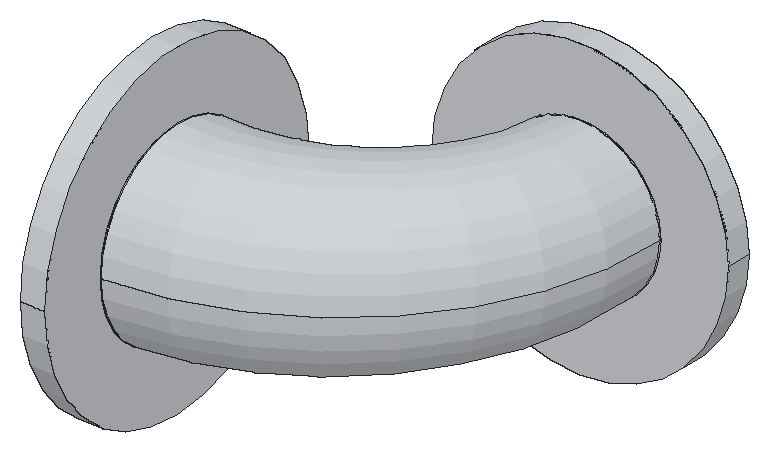
Revit family "M_Redução de cotovelo- Flange - GI - Classe 25", category Conexões de tubo, Revit 2019
Family settings
  Cota do conector redondo = Usar raio
  Tipo de parte = Cotovelo
  Número OmniClass = 23.60.30.11.14
  Título OmniClass = Pipework Fittings
  ID de item do Seek = Elbow Reducing - Flanged - GI - Class 25-0000-CAN-ENU
  Com base no plano de trabalho = Não
  Sempre na vertical = Sim
  Corte com vazios quando carregada = Não
  Compartilhado = Não
Parameters (values of type "Padrão")
  Espessura da parede 2 [instance] = size_lookup(Nome da tabela de pesquisa, "WThk", 0.02 * Diâmetro nominal 2 + 8.334 mm, Diâmetro nominal 2)  # 11 mm
  Espessura da parede 1 [instance] = size_lookup(Nome da tabela de pesquisa, "WThk", 0.02 * Diâmetro nominal 1 + 8.334 mm, Diâmetro nominal 1)  # 11 mm
  Tamanho da marca de cota 2 [instance] = Diâmetro da flange 2 * 0.4  # 91.6 mm
  Tamanho da marca de cota 1 [instance] = Diâmetro da flange 1 * 0.4  # 101.6 mm
  Raio nominal 2 [instance] = 50 mm
  Diâmetro nominal 2 [instance] = Raio nominal 2 * 2  # 100 mm
  Método de perda = Coeficiente K da tabela
  Nome da tabela de pesquisa = "M_Elbow Reducing - Flanged - GI - Class 25"
  Comprimento 8 [instance] = Centro à face - if(Diâmetro nominal máximo 12 = Diâmetro nominal 1, Espessura da flange 1, Espessura da flange 2)  # 172 mm
  Comprimento 7 [instance] = Comprimento 1 + Comprimento 1 * cos(Ângulo) + (Espessura da flange 2 + Comprimento 5) * cos(Ângulo)  # 172 mm
  Comprimento 6 [instance] = (Espessura da flange 2 + Comprimento 5) * sin(Ângulo)  # 19.794 mm
  Comprimento 5 [instance] = if(Diâmetro nominal máximo 12 = Diâmetro nominal 2, 0.794 mm, if(Centro à face - Espessura da flange 2 - Comprimento 1 > 0.794 mm, Centro à face - Espessura da flange 2 - Comprimento 1, 0.794 mm))  # 0.794 mm
  Comprimento 4 [instance] = if(Diâmetro nominal máximo 12 = Diâmetro nominal 1, 0.794 mm, if(Centro à face - Espessura da flange 1 - Comprimento 1 > 0.794 mm, Centro à face - Espessura da flange 1 - Comprimento 1, 0.794 mm))  # 0.794 mm
  Comprimento 3 [instance] = Comprimento 1 + Comprimento 1 * cos(Ângulo)  # 172 mm
  Comprimento 2 [instance] = Comprimento 1 * sin(Ângulo)  # 172 mm
  Diâmetro nominal máximo 12 [instance] = if(Diâmetro nominal 1 > Diâmetro nominal 2, Diâmetro nominal 1, Diâmetro nominal 2)  # 125 mm
  Tabela de coeficiente K = "Cotovelo regular flangeado 90 e 180"
  Espessura da flange 2 [instance] = size_lookup(Nome da tabela de pesquisa, "FThk", 0.03 * Diâmetro nominal 2 + 16.768 mm, Diâmetro nominal 2)  # 19 mm
  Raio da flange 2 [instance] = Diâmetro da flange 2 / 2  # 114.5 mm
  Diâmetro da flange 2 [instance] = size_lookup(Nome da tabela de pesquisa, "FDia", 1.16 * Diâmetro nominal 2 + 119.062 mm, Diâmetro nominal 2)  # 229 mm
  Raio externo da conexão 2 [instance] = Diâmetro externo da conexão 2 / 2  # 62 mm
  Raio externo da conexão 1 [instance] = Diâmetro externo da conexão 1 / 2  # 74.5 mm
  Diâmetro externo da conexão 2 [instance] = Diâmetro interno da conexão 2 + Espessura da parede 2 * 2  # 124 mm
  Diâmetro externo da conexão 1 [instance] = Diâmetro interno da conexão 1 + Espessura da parede 1 * 2  # 149 mm
  Comprimento 1 [instance] = if(Diâmetro nominal máximo 12 * tan(Ângulo / 2) > Comprimento 8, Diâmetro nominal máximo 12 * tan(Ângulo / 2) + 0.794 mm, Comprimento 8)  # 172 mm
  Raio nominal 1 [instance] = 62.5 mm
  Diâmetro nominal 1 [instance] = Raio nominal 1 * 2  # 125 mm
  Diâmetro interno da conexão 2 [instance] = size_lookup(Nome da tabela de pesquisa, "FID", 1.02 * Diâmetro nominal 2 - 0 mm, Diâmetro nominal 2)  # 102 mm
  Diâmetro interno da conexão 1 [instance] = size_lookup(Nome da tabela de pesquisa, "FID", 1.02 * Diâmetro nominal 1 - 0 mm, Diâmetro nominal 1)  # 127 mm
  Centro à face [instance] = size_lookup(Nome da tabela de pesquisa, "CtF", 0.67 * Diâmetro nominal máximo 12 + 110.43 mm, Diâmetro nominal máximo 12)  # 191 mm
  Raio do centro [instance] = Comprimento 1 / tan(Ângulo / 2)  # 172 mm
  Espessura da flange 1 [instance] = size_lookup(Nome da tabela de pesquisa, "FThk", 0.03 * Diâmetro nominal 1 + 16.768 mm, Diâmetro nominal 1)  # 19 mm
  Raio da flange 1 [instance] = Diâmetro da flange 1 / 2  # 127 mm
  Diâmetro da flange 1 [instance] = size_lookup(Nome da tabela de pesquisa, "FDia", 1.16 * Diâmetro nominal 1 + 119.062 mm, Diâmetro nominal 1)  # 254 mm
  Assembly Code = ""
  Ângulo [instance] = 90.00°
Reference planes
  plane 1 "Centro (Frente/Trás)": y = 0
  plane 2: z = 0
  plane 3 "Centro (Esquerda/Direita)": x = 0
  plane 4: x = -172
  plane 5: y = 172
  plane 6: x = 0
  plane 7: y = 172
  plane 8: x = -172.794
  plane 9: x = -191.794
  plane 10: x = 0
  plane 11: y = 191.794
Forms (mm)
  SweptBlend 1, solid, detail levels fine
    path in 3D
      loop
        arc (-172, 0, 0) -> (-50.378, 50.378, 0) -> (0, 172, 0) r 172
    profile origin (-172, 0, 0) x (0, 1, 0) y (0, 0, 1)
      loop
        circle (0, 0) r 74.5
    end profile origin (0, 172, 0) x (-1, 0, 0) y (0, 0, 1)
      loop
        circle (0, 0) r 62
  Sweep 2, solid, detail levels fine
    path in 3D
      loop
        line (-172.794, 0, 0) -> (-172, 0, 0)
    profile origin (-172.397, 0, 0) x (0, 1, 0) y (0, 0, 1)
      loop
        circle (0, 0) r 74.5
  Sweep 3, solid, detail levels fine
    path in 3D
      loop
        line (0, 172, 0) -> (0, 172.794, 0)
    profile origin (0, 172.397, 0) x (-1, 0, 0) y (0, 0, 1)
      loop
        circle (0, 0) r 62
  Sweep 4, solid, detail levels fine
    path in 3D
      loop
        line (-172.794, 0, 0) -> (-191.794, 0, 0)
    profile origin (-182.294, 0, 0) x (0, -1, 0) y (0, 0, 1)
      loop
        circle (0, 0) r 127
  Sweep 5, solid, detail levels fine
    path in 3D
      loop
        line (0, 172.794, 0) -> (0, 191.794, 0)
    profile origin (0, 182.294, 0) x (-1, 0, 0) y (0, 0, 1)
      loop
        circle (0, 0) r 114.5
Cuts and joins
  joined: Sweep 2, Sweep 4
  joined: Sweep 3, Sweep 5
Lines and regions (mm)
  model lines, detail levels coarse+medium
    curve 1: arc (-172, 0, 0) -> (-50.378, 50.378, 0) -> (0, 172, 0) r 172
    curve 2: line (-172.794, 0, 0) -> (-172, 0, 0)
    curve 3: line (-172.794, 0, 0) -> (-191.794, 0, 0)
    curve 4: line (0, 172, 0) -> (0, 172.794, 0)
    curve 5: line (0, 172.794, 0) -> (0, 191.794, 0)
    curve 11: line (-191.794, 0, 0) -> (-191.794, 101.6, 0)
    curve 12: line (-191.794, 0, 0) -> (-191.794, -101.6, 0)
    curve 13: line (0, 191.794, 0) -> (91.6, 191.794, 0)
    curve 14: line (0, 191.794, 0) -> (-91.6, 191.794, 0)
  sketch lines
    curve 6: arc (-172, 0, 0) -> (-50.378, 50.378, 0) -> (0, 172, 0) r 172
    curve 7: line (-172.794, 0, 0) -> (-172, 0, 0)
    curve 8: line (0, 172, 0) -> (0, 172.794, 0)
    curve 9: line (-172.794, 0, 0) -> (-191.794, 0, 0)
    curve 10: line (0, 172.794, 0) -> (0, 191.794, 0)
Dimensions and locks
  "Comprimento 1": plane 4 to plane 3 "Centro (Esquerda/Direita)"
  "Raio do centro": plane 5 to plane 1 "Centro (Frente/Trás)"
  "Comprimento 3": plane 4 to plane 6
  "Comprimento 2": plane 7 to plane 1 "Centro (Frente/Trás)"
  "Comprimento 4": plane 8 to plane 4
  "Espessura da flange 1": plane 9 to plane 8
  "Comprimento 5": curve 4 to curve 4
  "Espessura da flange 2": curve 5 to curve 5
  "Comprimento 6": plane 11 to plane 7
  "Tamanho da marca de cota 1": curve 11 to curve 11
  "Tamanho da marca de cota 1": curve 12 to curve 12
  "Tamanho da marca de cota 2": curve 13 to curve 13
  "Tamanho da marca de cota 2": curve 14 to curve 14
  "Comprimento 7": plane 4 to plane 10
  "Raio externo da conexão 1": radius of SweptBlend 1 sketch curve
  "Raio externo da conexão 2": radius of SweptBlend 1 sketch curve
  "Raio externo da conexão 1": radius of Sweep 2 sketch curve
  "Raio externo da conexão 2": radius of Sweep 3 sketch curve
  "Raio da flange 1": radius of Sweep 4 sketch curve
  "Raio da flange 2": radius of Sweep 5 sketch curve
  "Ângulo": angle curve 1 to curve 1
  "Ângulo": angle plane 7 to curve 4
  "Ângulo": angle plane 7 to curve 5
  locked: curve 13 to curve 5 (angle 90.00°)
  locked: curve 5 to curve 14 (angle 90.00°)
  aligned and locked: plane 4 to curve 1
  aligned and locked: plane 1 "Centro (Frente/Trás)" to curve 1
  aligned and locked: plane 1 "Centro (Frente/Trás)" to curve 2
  aligned and locked: plane 8 to curve 3
  aligned and locked: plane 6 to curve 4
  aligned and locked: plane 1 "Centro (Frente/Trás)" to curve 12
  aligned and locked: curve 12 to plane 9
Automatic sketch dimensions
  SweptBlend 1 sketch curve to profile plane = 0 mm  (x4)
  Sweep 2 sketch curve to profile plane = 0 mm  (x2)
  Sweep 3 sketch curve to profile plane = 0 mm  (x2)
  Sweep 4 sketch curve to profile plane = 0 mm  (x2)
  Sweep 5 sketch curve to profile plane = 0 mm  (x2)
Connectors
  piping at (-191.794, 0, 0), diameter 125, driven by "Raio nominal 1", driven by "Ângulo"
    settings: on Sweep 4, index 1, connector inside diameter 125 mm, connector length 0 mm, flow factor 0, pipe flow 0.0 L/s, pressure drop 0.0 Pa, fitting loss kfactor 0, connector angle 90.00°, fixture units 0, engagement length 0 mm, angle of deflection 0.00°, flow configuration 0, flow direction 0, fitting loss method 0, system type 28, joint type 0, gender type 0, connector reference index 2, connector utility 0, adjustable connector no, is connector primary yes, connector description ""
  piping at (0, 191.794, 0), diameter 100, driven by "Ângulo", driven by "Raio nominal 2"
    settings: on Sweep 5, index 2, connector inside diameter 100 mm, connector length 0 mm, flow factor 0, pipe flow 0.0 L/s, pressure drop 0.0 Pa, fitting loss kfactor 0, connector angle 90.00°, fixture units 0, engagement length 0 mm, angle of deflection 0.00°, flow configuration 0, flow direction 0, fitting loss method 0, system type 28, joint type 0, gender type 0, connector reference index 1, connector utility 0, adjustable connector no, is connector primary no, connector description ""
